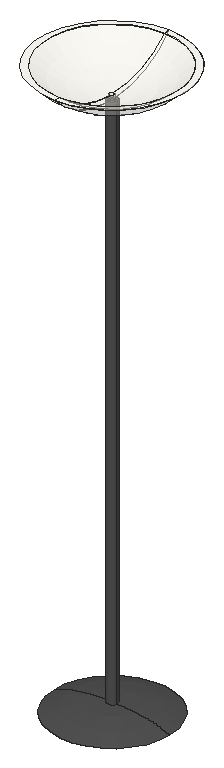
Revit family "6f2f13eb8e5d43e1b795400f0ddb0401", category Lighting Fixtures, Revit 2021
Family settings
  Round Connector Dimension = Use Diameter
  Part Type = Normal
  OmniClass Number = 23.80.70.11.11
  OmniClass Title = General Luminaries, Non Directional
  Seek Item ID = Floor Lamp - Torchiere-0000-USA-ENU
  Work Plane-Based = No
  Always vertical = Yes
  Cut with Voids When Loaded = No
  Light Source = Yes
  Shared = No
  Room Calculation Point = No
Parameters (values of type "277V")
  Wattage Comments = "100"
  Wattage = 100 W
  built-in parameter 1150110 = 1 (stored number, unit not read)
  built-in parameter 1114217 = 1 (stored number, unit not read)
  built-in parameter 1150109 = 1 (stored number, unit not read)
  built-in parameter 1150134 = 3
  built-in parameter 1150113 = 1 (stored number, unit not read)
  Tilt Angle = 90.00°
  Photometric Web File = "FLAE1T4_A.IES"
  Lumens = 1800 lm
  built-in parameter 1150115 = 1 (stored number, unit not read)
  built-in parameter 1150105 = 143.24 (stored number, unit not read)
  Load Classification = Lighting - Dwelling Unit
  built-in parameter 1150137 = 1
  built-in parameter 1150139 = (empty or 0)
  built-in parameter 1150112 = 1 (stored number, unit not read)
  built-in parameter 1150114 = 1 (stored number, unit not read)
  Lamp = "T-4"
  built-in parameter 1150132 = (empty or 0)
  built-in parameter 1150102 = (empty or 0)
  built-in parameter 1150138 = (empty or 0)
  built-in parameter 1150107 = 3200 (stored number, unit not read)
  built-in parameter 1150106 = 1.4324 (stored number, unit not read)
  Height = 5' - 0"
  built-in parameter 1150104 = 1.6723 (stored number, unit not read)
  Dimming Lamp Color Temperature Shift = <None>
  Default Elevation = 0' - 0"
  Color Filter = 16777215
  Ballast Voltage = 277 V
  Ballast Number of Poles = 1
  built-in parameter 1114218 = 1 (stored number, unit not read)
  built-in parameter 1150133 = 10 (stored number, unit not read)
  Assembly Code = "D5020230"
  Shade = Glass, Frosted
  Stand = Steel, Chrome Plated
  Apparent Load = 100 VA
Types (3): name | Ballast Voltage
  (no name) | 277 V
  120V | 120 V
  277V | 277 V
Reference planes (in)
  plane 1 "Light Source Axis": y = 0
  plane 2: z = 0
  plane 3 "Light Source Axis": x = 0
  plane 4: z = 56.82581
  plane 5: z = 60
  plane 6: z = 57.32581
  plane 7 "light source level": z = 58.82581
Forms (in)
  Revolve 1, solid, material "Steel, Chrome Plated" <- "Stand"
    sketch origin (0, 0, 0) x (0, 1, 0) y (0, 0, 1)
      loop
        line (0.25, 0) -> (6, 0)
        arc (6, 0) -> (3.30067, 0.76632) -> (0.5, 0.93921) r 13.0789
        line (0.5, 0.93921) -> (0.5, 56.82581) -> (0.25, 56.82581) -> (0.25, 0)
      axis (0, 0) -> (0, 56.82581)
    angle from -90 to 270
  Revolve 2, solid, material "Glass, Frosted" <- "Shade"
    sketch origin (0, 0, 0) x (0, 1, 0) y (0, 0, 1)
      loop
        arc (0.5, 56.82581) -> (4.30674, 57.70323) -> (7.4668, 60) r 9.78444
        line (7.4668, 60) -> (6.76831, 60)
        arc (6.76831, 60) -> (3.77277, 58.02034) -> (0.25, 57.32581) r 9.28125
        line (0.25, 57.32581) -> (0.25, 56.82581) -> (0.5, 56.82581)
      axis (0, 60) -> (0, 56.82581)
    angle from 0 to 360
Lines and regions (in)
  Masking region 1
    outline origin (0, 0, 0) x (1, 0, 0) y (0, 1, 0)
      loop
        circle (0, 0) r 7.4668
  symbolic lines
    curve 1: arc (6, 0, 0) -> (0, 6, 0) -> (-6, 0, 0) r 6
    curve 2: arc (-6, 0, 0) -> (0, -6, 0) -> (6, 0, 0) r 6
    curve 3: arc (1, 0, 0) -> (0, 1, 0) -> (-1, 0, 0) r 1
    curve 4: arc (-1, 0, 0) -> (0, -1, 0) -> (1, 0, 0) r 1
    curve 5: arc (0, 6.76831, 0) -> (-6.76831, 0, 0) -> (0, -6.76831, 0) r 6.76831
    curve 6: arc (0, -6.76831, 0) -> (6.76831, 0, 0) -> (0, 6.76831, 0) r 6.76831
Dimensions and locks (in)
  "Height": plane 5 to level
  locked: plane 4 to plane 5 at 3.17419
  locked: plane 6 to plane 5 at 2.67419
  locked: plane 7 "light source level" to plane 5 at 1.17419
  aligned and locked: level to Revolve 1 sketch curve  (x2)
  aligned and locked: Revolve 1 sketch curve to plane 1 "Light Source Axis"  (x2)
  aligned and locked: Revolve 1 sketch curve to level
  aligned and locked: Masking region 1 sketch curve to Revolve 2
  aligned and locked: curve 5 to Revolve 2
  aligned and locked: plane 3 "Light Source Axis" to imposter light
  aligned and locked: plane 1 "Light Source Axis" to imposter light
  aligned and locked: plane 7 "light source level" to imposter light
Automatic sketch dimensions
  curve 1 to plane 3 "Light Source Axis" = 0' - 6"
  curve 3 to plane 1 "Light Source Axis" = 0' - 0"
  curve 3 to plane 3 "Light Source Axis" = 0' - 0"
  curve 3 to plane 3 "Light Source Axis" = 0' - 1"
  Revolve 1 sketch curve to plane 4 = 0' - 0"
  Revolve 1 sketch curve to plane 1 "Light Source Axis" = 0' - 0 1/4"
  Revolve 1 sketch curve to Revolve 1 sketch curve = 0' - 0 1/4"
  Revolve 1 sketch curve to plane 1 "Light Source Axis" = 0' - 1.09911"
  Revolve 1 sketch curve to Revolve 1 sketch curve = 0' - 5 1/2"
  Revolve 1 sketch curve to level = 1' - 0.12596"
  Revolve 1 sketch curve to plane 5 = 0' - 11"
  Revolve 2 sketch curve to plane 1 "Light Source Axis" = 0' - 0"
  Revolve 2 sketch curve to plane 4 = 0' - 0"
  Revolve 2 sketch curve to plane 6 = 0' - 0"
  Revolve 2 sketch curve to plane 5 = 0' - 0"
  Revolve 2 sketch curve to plane 1 "Light Source Axis" = 0' - 0 1/4"
  Revolve 2 sketch curve to Revolve 2 sketch curve = 0' - 0"
  Revolve 2 sketch curve to Revolve 2 sketch curve = 0' - 0 1/4"
  Revolve 2 sketch curve to plane 1 "Light Source Axis" = 0' - 6.76831"
  Revolve 2 sketch curve to Revolve 2 sketch curve = 0' - 0.69848"
  plane 4 to Revolve 2 sketch curve = 0' - 1.82581"
  Revolve 2 sketch curve to Revolve 2 sketch curve = 0' - 0.60706"
  curve 1 to curve 5 = 0' - 0"
  curve 1 to curve 6 = 0' - 0"
Connectors (in)
  electrical at (0, 0, 56.82581), driven by "Apparent Load", driven by "Ballast Voltage", driven by "Ballast Number of Poles", driven by "Load Classification"
    settings: on Revolve 1, index 1, voltage 277 V, apparent load 0 VA, apparent load phase1 100 VA, apparent load phase2 0 VA, apparent load phase3 0 VA, power factor 0.95, load classification "Lighting - Dwelling Unit", number of poles 1, system type 31, power factor state 1, is connector primary yes, connector utility no, sub classification motor no, connector description ""
